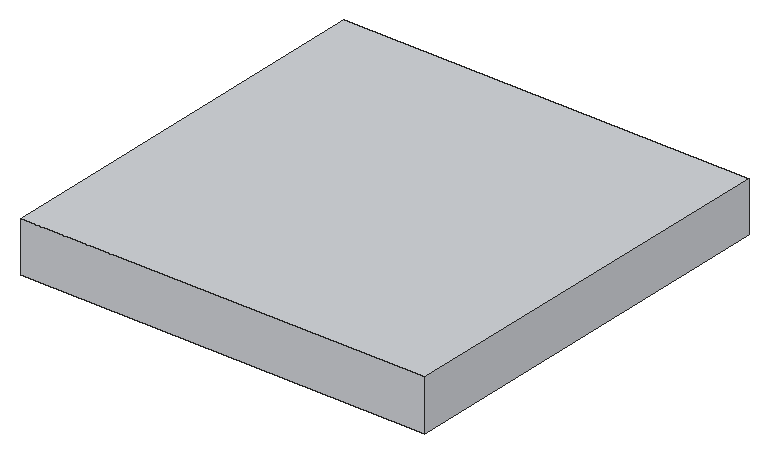
Revit family "00-8306-05-M1", category Luminarias, Revit 2019
Family settings
  Anfitrión = Cara
  Cota de conector redondo = Diámetro de uso
  Tipo de pieza = Normal
  Número OmniClass = 23.80.70.00
  Título OmniClass = Lighting
  Corte con vacíos al cargar = No
  Origen de luz = No
  Compartido = Sí
  Punto de cálculo de habitación = No
Parameters (values of type "00-8306-05-M1")
  Versión = "v1"
  Vatios (W) = 21.1
  Tipo de regulación = "DALI"
  Tipo = "Pendant"
  Tender text (English) = "LEDS C4 Dew 00-8306-05-M1V1  Pendant   For sideways lighting. Structure material: Aluminium. Structure finish: Black. Diffuser material: Polycarbonate. Diffuser finish: Opal white. Warranty: 5 Years.  Product net weight (Kg): 1.38 Product length (mm): 1700 Product width or diameter (mm): 43 Product height (mm): 38  Class 1. IP: IP20. LED. No. of lampholders or LEDs: 1. LED brand: SAMSUNG. Driver brand: MEAN WELL. Maximum power of light source: 17.5W. Colour temperature: 2700K. Colour rendering index: 90. MacAdam Steps: 3. Hours of life: 50.000h L80B20. UGR: 10.6. Photobiological risk: RG0. % de Flickering: &lt;5%. Real flux (lm): 1383. Real lm/W: 66. Voltage / frequency range: 180-277/50-60Hz. Voltage: 3. Equipment included: Yes. Total power: 21.1. Power factor: 0.94. Dimmable equipment included: DALI."
  Tender text (Castellano) = "LEDS C4 Dew 00-8306-05-M1V1  Pendant   For sideways lighting. Structure material: Aluminium. Structure finish: Black. Diffuser material: Polycarbonate. Diffuser finish: Opal white. Warranty: 5 Years.  Product net weight (Kg): 1.38 Product length (mm): 1700 Product width or diameter (mm): 43 Product height (mm): 38  Class 1. IP: IP20. LED. No. of lampholders or LEDs: 1. LED brand: SAMSUNG. Driver brand: MEAN WELL. Maximum power of light source: 17.5W. Colour temperature: 2700K. Colour rendering index: 90. MacAdam Steps: 3. Hours of life: 50.000h L80B20. UGR: 10.6. Photobiological risk: RG0. % de Flickering: &lt;5%. Real flux (lm): 1383. Real lm/W: 66. Voltage / frequency range: 180-277/50-60Hz. Voltage: 3. Equipment included: Yes. Total power: 21.1. Power factor: 0.94. Dimmable equipment included: DALI."
  Temperatura color led (K) = "LED warm-white 2700K"
  Referencia = "00-8306-05-M1"
  Rayo de luz = ""
  Producto descatalogado = "Catalogado EN"
  Pluma comercial = ""
  Peso neto (KG) = 1.38
  Material = "Aluminium, Polycarbonate"
  Lumenes reales (lm) = 1383
  LDT = "https://files.leds-c4.com/ldt/00-8306-05-M1V1.html"
  Imagen web = "https://files.leds-c4.com/main-photo/00-8306-05-M1V1"
  IfcExportType = "NOTDEFINED"
  IfcExportAs = "IfcLightFixture\r\nIfcLightFixture"
  IP = "IP20"
  IMC = "https://files.leds-c4.com/imc/00-8306-05-M1V1.html"
  IK = ""
  Fuente de luz = ""
  Fotometría = "https://files.leds-c4.com/fm/00-8306-05-M1V1.html"
  Ficha = "https://files.leds-c4.com/ft/en/00-8306-05-M1V1.html"
  FechaVersion = "Creada: 24/12/2022"
  Familia = "Dew"
  Fabricante = "LEDS C4"  # constant formula
  Etiqueta V/f = "220-240V/50-60Hz"
  Elevación por defecto = 1000 mm
  Eficiencia energética = ""
  EAN13 = "8435575369528"
  DescripcionUniformat2010 = "Lighting"
  DescripcionUniclass2015 = "Lighting"
  DescripcionOmniclass = "Lighting"
  DescripcionGubimclass = "Iluminación interior"
  CodigoUniformat2010 = "D5040"
  CodigoUniclass2015 = "EF_70_80"
  CodigoOmniclass = "21-04 50 40"
  CodigoGubimclass = "50.60.50.20"
  Catálogo = "Decorative"
  Carga aparente = 0 VA
  CRI = 90
  Acabado = "Black, Opal white"
Reference planes
  plane 1 "Centro (Frontal/Posterior)": y = 0
  plane 2: z = 0
  plane 3 "Centro (Izquierda/Derecha)": x = 0
  plane 4 "Elevación de origen de luz": z = 0
  plane 5 "Eje de origen de luz (F/P)": y = 0
  plane 6 "Eje de origen de luz (I/D)": x = 0
Forms (mm)
  Extrusion 1, solid
    sketch origin (0, 0, 0) x (1, 0, 0) y (0, 1, 0)
      loop
        line (-1219.2, 1219.2) -> (-1219.2, -1219.2) -> (1219.2, -1219.2) -> (1219.2, 1219.2) -> (-1219.2, 1219.2)
    from 0 to -304.8
Dimensions and locks
  aligned and locked: plane 2 to Extrusion 1
  aligned and locked: level to Extrusion 1
Connectors
  electrical at (0, 0, 0)
    settings: on Extrusion 1, index 1, voltage 0 V, apparent load 0 VA, apparent load phase1 0 VA, apparent load phase2 0 VA, apparent load phase3 0 VA, power factor 1, load classification "Otro", number of poles 1, system type 31, power factor state 1, is connector primary yes, connector utility no, sub classification motor no, connector description ""
